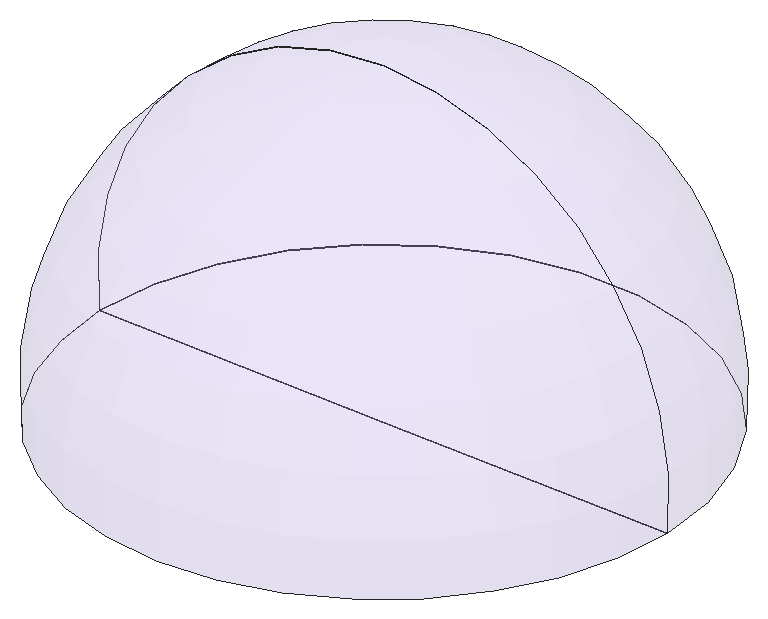
Revit family
Parameters
  Radius [instance] = 4250 mm
  Mass Material [instance] = Default Mass
  Height [instance] = 4750 mm
  Default Elevation = 1200 mm
Reference planes
  plane 1 "Center (Front/Back)": y = 12.955
  plane 2: z = 0
  plane 3 "Center (Left/Right)": x = -30.261
  plane 4: z = 500
  plane 5: z = 4750
  plane 6: y = 4262.955
  plane 7: x = -4280.261
  plane 8: y = -4237.045
  plane 9: x = 4219.739
Forms (mm)
  Revolve 1, solid, material "Default Mass" <- "Mass Material"
    sketch origin (0, 12.955, 0) x (1, 0, 0) y (0, 0, 1)
      loop
        line (-30.261, 0) -> (-30.261, 4750)
        arc (-30.261, 4750) -> (-3207.327, 3322.897) -> (-4250.747, 0) r 4250
        line (-4250.747, 0) -> (-30.261, 0)
      axis (-30.261, 0) -> (-30.261, 4750)
    angle from 0 to 360
Dimensions and locks
  "Radius": plane 5 to plane 4
  "Radius": plane 6 to plane 1 "Center (Front/Back)"
  "Radius": plane 3 "Center (Left/Right)" to plane 9
  "Radius": plane 7 to plane 3 "Center (Left/Right)"
  "Radius": plane 8 to plane 1 "Center (Front/Back)"
  "Height": plane 5 to plane 2
  locked: plane 2 to level
  "Radius": radius of Revolve 1 sketch curve
  aligned and locked: plane 5 to Revolve 1 sketch curve
  aligned and locked: plane 2 to Revolve 1 sketch curve
Automatic sketch dimensions
  Revolve 1 sketch curve to plane 3 "Center (Left/Right)" = 0 mm  (x2)
  Revolve 1 sketch curve to Revolve 1 sketch curve = 387.105 mm
  Revolve 1 sketch curve to Revolve 1 sketch curve = 1300 mm
